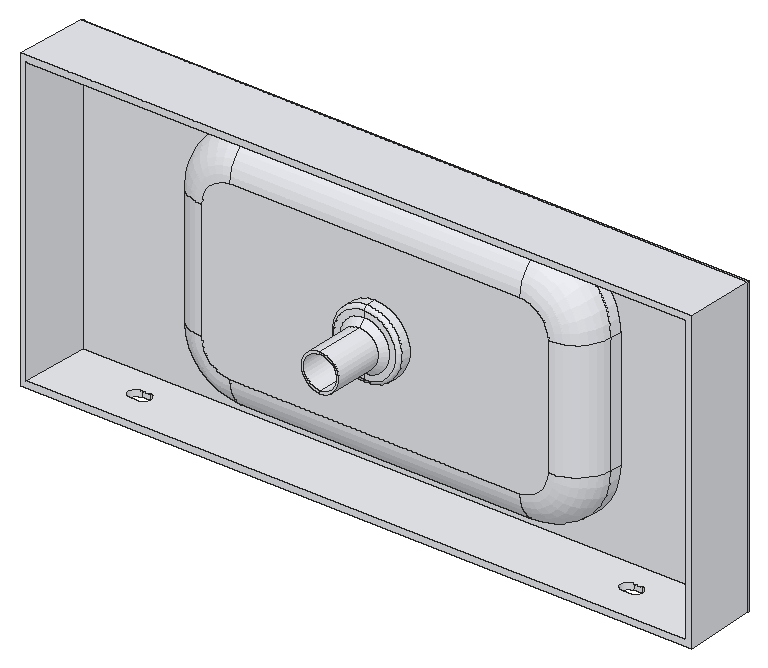
Revit family "Basin-Wall-Caroma Sunstone 900 Twin1", category Plumbing Fixtures, host Face, Revit 2014
Parameters (values of type "Sunstone 900 Twin - 0 Tap Holes")
  Width_ANZRS = 400 mm  # constant formula
  WasteOutlet_ANZRS = 0
  Waste Radius [instance] = 30 mm
  Waste Connection = yes
  Waste = Porcelain-White-Caroma
  WFU = 1
  Vent Connection = no
  URL = "http://www.specify.caroma.com.au"
  Type Comments = "White Only, Overflow not available, Sunstone Solid Surface Basin Pop-up Waste supplied"  # constant formula
  Tap Penetrations = if([3 Tapholes], 0 mm, 100 mm)  # 100 mm
  Spout Penetration = if(or([1 Taphole], [3 Tapholes]), 0 mm, 100 mm)  # 100 mm
  ModifiedIssue_ANZRS = 20150203.01  # constant formula
  Model = if([3 Tapholes], "N/A", if([1 Taphole], "897710", "897700"))  # "897700"
  Material_ANZRS = Porcelain-White-Caroma
  Manufacturer = "GWA Bathrooms & Kitchens"  # constant formula
  Length_ANZRS = 900 mm  # constant formula
  Height_ANZRS = 100 mm  # constant formula
  HW Connection = no
  Description = "Caroma Sunstone 900 Twin Wall Basin"  # constant formula
  Default Elevation = 865 mm
  CreatedBy_ANZRS = "Design Content"  # constant formula
  CreatedByURL_ANZRS = "http://www.designcontent.com.au"
  Capacity_ANZRS = 3.8 L
  CW Connection = no
  Assembly Code = "D2010310"
  3 Tapholes = 1 = 2  # no
  1 Taphole = no
Reference planes
  plane 1 "Center (Elevation)": y = 0
  plane 2 "Back": z = 0
  plane 3 "Center (Left/Right)": x = 0
  plane 4 "Left": x = -450
  plane 5 "Right": x = 450
  plane 6: x = -102.5
  plane 7: x = 102.5
  plane 8 "Top": y = 50
  plane 9 "Bottom": y = -50
  plane 10: z = 48
  plane 11 "Front": z = 400
  plane 12 "Center (Front/Back)": z = 200
  plane 13: y = 40
  plane 14 "3 Taps": y = 140
  plane 15 "1 Tap": y = 140
  plane 16: x = 0
Forms (mm)
  Revolve 1, solid, material "Porcelain-White-Caroma" <- "Material_ANZRS"
    sketch origin (0, 23, 349.207) x (0, 0, 1) y (0, 1, 0)
      loop
        arc (-193.143, -34.834) -> (-193.753, -33.465) -> (-195.142, -32.904) r 2
        line (-195.142, -32.904) -> (-201.957, -32.904) -> (-201.957, -40.904) -> (-195.933, -40.904) -> (-195.499, -53.345)
        arc (-195.499, -53.345) -> (-194.129, -56.612) -> (-190.938, -58.151) r 5
        line (-190.938, -58.151) -> (-182.567, -58.883) -> (-174.207, -67.243) -> (-174.207, -133) -> (-171.207, -133) -> (-171.207, -66.828)
        arc (-171.207, -66.828) -> (-171.36, -66.063) -> (-171.793, -65.414) r 2
        line (-171.793, -65.414) -> (-180.703, -56.505)
        arc (-180.703, -56.505) -> (-181.272, -56.106) -> (-181.943, -55.926) r 2
        line (-181.943, -55.926) -> (-190.676, -55.162)
        arc (-190.676, -55.162) -> (-191.953, -54.547) -> (-192.501, -53.24) r 2
        line (-192.501, -53.24) -> (-193.143, -34.834)
      axis (-149.207, -133) -> (-149.207, -32.904)
    angle from 0 to 360
  Extrusion 2, void
    sketch origin (0, 140, 0) x (-1, 0, 0) y (0, 0, 1)
      loop
        circle (102.5, 48) r 16.956
      loop
        circle (-102.5, 48) r 17
    from 100 to -20
  Extrusion 3, void
    sketch origin (-193, 140, -152) x (-1, 0, 0) y (0, 0, 1)
      loop
        circle (-553, 352) r 17
    from 100 to -20
  Revolve 4, solid, material "Porcelain-White-Caroma" <- "Waste", detail levels fine
    sketch origin (0, 25.5, 349.207) x (0, 0, 1) y (0, 1, 0)
      loop
        arc (-186.859, -35.23) -> (-188.212, -35.848) -> (-188.765, -37.228) r 2
        line (-188.765, -37.228) -> (-188.765, -40.323)
        arc (-188.765, -40.323) -> (-188.18, -41.737) -> (-186.765, -42.323) r 2
        line (-186.765, -42.323) -> (-149.207, -42.323) -> (-149.207, -34.346)
        arc (-149.207, -34.346) -> (-168.038, -34.567) -> (-186.859, -35.23) r 802.28
      axis (-149.207, -42.323) -> (-149.207, -34.346)
    angle from 0 to 360
  Sweep 5, solid, material "Porcelain-White-Caroma" <- "Material_ANZRS"
    path origin (0, 50, 0) x (-1, 0, 0) y (0, 0, 1)
      loop
        line (-450, 0) -> (-450, 400) -> (450, 400) -> (450, 0)
    profile origin (450, 50, 200) x (1, 0, 0) y (0, 1, 0)
      loop
        line (0, -100) -> (-2.972, -1.939)
        arc (-2.972, -1.939) -> (-3.579, -0.565) -> (-4.971, 0) r 2
        line (-4.971, 0) -> (-12.478, 0) -> (-12.478, -8) -> (-10.792, -8) -> (-8.004, -100) -> (0, -100)
  Sweep 6, solid, material "Porcelain-White-Caroma" <- "Material_ANZRS"
    path origin (0, 50, 0) x (-1, 0, 0) y (0, 0, 1)
      loop
        arc (-194.5, 357) -> (-249.301, 334.301) -> (-272, 279.5) r 77.5
        line (-272, 279.5) -> (-272, 120.5)
        arc (-272, 120.5) -> (-249.301, 65.699) -> (-194.5, 43) r 77.5
        line (-194.5, 43) -> (194.5, 43)
        arc (194.5, 43) -> (249.301, 65.699) -> (272, 120.5) r 77.5
        line (272, 120.5) -> (272, 279.5)
        arc (272, 279.5) -> (249.301, 334.301) -> (194.5, 357) r 77.5
        line (194.5, 357) -> (-194.5, 357)
    profile origin (0, 50, 357) x (0, 0, 1) y (0, 1, 0)
      loop
        line (3.074, 28.111) -> (0.283, -22.123)
        arc (0.283, -22.123) -> (-12.167, -48.962) -> (-39.656, -59.904) r 40
        line (-39.656, -59.904) -> (-44.768, -59.904) -> (-44.768, -67.904) -> (-39.656, -67.904)
        arc (-39.656, -67.904) -> (-6.669, -54.774) -> (8.27, -22.567) r 48
        line (8.27, -22.567) -> (9.08, -8) -> (25.851, -8) -> (25.851, 0)
        arc (25.851, 0) -> (18.898, 2.812) -> (15.856, 9.667) r 10
        line (15.856, 9.667) -> (15.243, 28.067)
        arc (15.243, 28.067) -> (14.634, 29.438) -> (13.244, 30) r 2
        line (13.244, 30) -> (5.071, 30)
        arc (5.071, 30) -> (3.696, 29.453) -> (3.074, 28.111) r 2
  Extrusion 7, solid, material "Porcelain-White-Caroma" <- "Material_ANZRS"
    sketch origin (0, 0, 0) x (1, 0, 0) y (0, 1, 0)
      loop
        line (-441.996, -50) -> (441.996, -50) -> (439.208, 42) -> (-439.208, 42) -> (-441.996, -50)
      loop
        arc (325, 10) -> (315, 0) -> (325, -10) r 10
        line (325, -10) -> (335, -10)
        arc (335, -10) -> (345, 0) -> (335, 10) r 10
        line (335, 10) -> (325, 10)
      loop
        line (-325, 10) -> (-335, 10)
        arc (-335, 10) -> (-345, 0) -> (-335, -10) r 10
        line (-335, -10) -> (-325, -10)
        arc (-325, -10) -> (-315, 0) -> (-325, 10) r 10
    from 0 to 8
  Extrusion 8, solid, material "Porcelain-White-Caroma" <- "Material_ANZRS"
    sketch origin (0, 50, 103) x (-1, 0, 0) y (0, 0, 1)
      loop
        circle (0, 97) r 52.749
      loop
        arc (-194.5, 209.232) -> (-217.645, 199.645) -> (-227.232, 176.5) r 32.732
        line (-227.232, 176.5) -> (-227.232, 17.5)
        arc (-227.232, 17.5) -> (-217.645, -5.645) -> (-194.5, -15.232) r 32.732
        line (-194.5, -15.232) -> (194.5, -15.232)
        arc (194.5, -15.232) -> (217.645, -5.645) -> (227.232, 17.5) r 32.732
        line (227.232, 17.5) -> (227.232, 176.5)
        arc (227.232, 176.5) -> (217.645, 199.645) -> (194.5, 209.232) r 32.732
        line (194.5, 209.232) -> (-194.5, 209.232)
    from -67.904 to -59.904
  Extrusion 9, solid, material "Porcelain-White-Caroma" <- "Material_ANZRS"
    sketch origin (0, 50, 0) x (-1, 0, 0) y (0, 0, 1)
      loop
        line (297.851, 120.5) -> (297.851, 279.5)
        arc (297.851, 279.5) -> (267.58, 352.58) -> (194.5, 382.851) r 103.351
        line (194.5, 382.851) -> (-194.5, 382.851)
        arc (-194.5, 382.851) -> (-267.58, 352.58) -> (-297.851, 279.5) r 103.351
        line (-297.851, 279.5) -> (-297.851, 120.5)
        arc (-297.851, 120.5) -> (-267.58, 47.42) -> (-194.5, 17.149) r 103.351
        line (-194.5, 17.149) -> (194.5, 17.149)
        arc (194.5, 17.149) -> (267.58, 47.42) -> (297.851, 120.5) r 103.351
      loop
        line (437.522, 0) -> (437.522, 387.522) -> (-437.522, 387.522) -> (-437.522, 0) -> (437.522, 0)
    from -8 to 0
Cuts and joins
  Extrusion 3 cuts Extrusion 9
  joined: Revolve 1, Sweep 5, Sweep 6, Extrusion 7, Extrusion 8, Extrusion 9
Lines and regions (mm)
  Masking region 1
    outline origin (0, 50, 0) x (-1, 0, 0) y (0, 0, 1)
      loop
        line (-450, 0) -> (450, 0) -> (450, 397)
        arc (450, 397) -> (449.121, 399.121) -> (447, 400) r 3
        line (447, 400) -> (-447, 400)
        arc (-447, 400) -> (-449.121, 399.121) -> (-450, 397) r 3
        line (-450, 397) -> (-450, 0)
  Masking region 2
    outline origin (0, 0, 0) x (1, 0, 0) y (0, 1, 0)
      loop
        line (-25, -50) -> (-25, -80) -> (0, -80) -> (25, -80) -> (25, -50) -> (450, -50) -> (447.058, 48.061)
        arc (447.058, 48.061) -> (446.452, 49.435) -> (445.059, 50) r 2
        line (445.059, 50) -> (297.851, 50)
        arc (297.851, 50) -> (290.898, 52.812) -> (287.856, 59.667) r 10
        line (287.856, 59.667) -> (287.243, 78.067)
        arc (287.243, 78.067) -> (286.634, 79.438) -> (285.244, 80) r 2
        line (285.244, 80) -> (-285.244, 80)
        arc (-285.244, 80) -> (-286.634, 79.438) -> (-287.243, 78.067) r 2
        line (-287.243, 78.067) -> (-287.856, 59.667)
        arc (-287.856, 59.667) -> (-290.898, 52.812) -> (-297.851, 50) r 10
        line (-297.851, 50) -> (-445.059, 50)
        arc (-445.059, 50) -> (-446.452, 49.435) -> (-447.058, 48.061) r 2
        line (-447.058, 48.061) -> (-450, -50) -> (-25, -50)
  Masking region 3
    outline origin (0, 0, 0) x (0, 1, 0) y (0, 0, 1)
      loop
        line (-50, 175) -> (-50, 0) -> (50, 0) -> (50, 17.149)
        arc (50, 17.149) -> (52.812, 24.102) -> (59.667, 27.144) r 10
        line (59.667, 27.144) -> (78.067, 27.757)
        arc (78.067, 27.757) -> (79.438, 28.366) -> (80, 29.756) r 2
        line (80, 29.756) -> (80, 370.244)
        arc (80, 370.244) -> (79.438, 371.634) -> (78.067, 372.243) r 2
        line (78.067, 372.243) -> (59.667, 372.856)
        arc (59.667, 372.856) -> (52.812, 375.898) -> (50, 382.851) r 10
        line (50, 382.851) -> (50, 395.059)
        arc (50, 395.059) -> (49.435, 396.452) -> (48.061, 397.058) r 2
        line (48.061, 397.058) -> (-50, 400) -> (-50, 225) -> (-80, 225) -> (-80, 175) -> (-50, 175)
  symbolic lines, style "Basins/Sinks/Tubs", visible <- "3 Tapholes"
    curve 1: circle (102.5, 0, 48) r 17 normal (0, -1, 0)
    curve 2: circle (360, 0, 200) r 17 normal (0, -1, 0)
    curve 3: circle (-102.5, 0, 48) r 16.956 normal (0, -1, 0)
  symbolic lines, style "Basins/Sinks/Tubs", visible <- "1 Taphole"
    curve 4: circle (360, 0, 200) r 17 normal (0, -1, 0)
  symbolic lines, style "Waste Outlets"
    curve 5: circle (0, 0, 200) r 39.17 normal (0, -1, 0)
    curve 6: circle (0, 0, 200) r 43.197 normal (0, -1, 0)
  symbolic lines, style "Basins/Sinks/Tubs"
    curve 7: line (447, 50, 394) -> (447, 50, 0)
    curve 8: line (-444, 50, 397) -> (444, 50, 397)
    curve 9: line (-447, 50, 0) -> (-447, 50, 394)
    curve 10: arc (-444, 50, 397) -> (-446.121, 50, 396.121) -> (-447, 50, 394) r 3
    curve 11: arc (447, 50, 394) -> (446.121, 50, 396.121) -> (444, 50, 397) r 3
    curve 12: line (-25, -50, 0) -> (25, -50, 0)
    curve 13: line (0, -50, 176.688) -> (0, -50, 83.312)
    curve 14: line (0, -50, 176.688) -> (0, -50, 225)
    curve 15: arc (194.5, 50, 359.732) -> (251.233, 50, 336.233) -> (274.732, 50, 279.5) r 80.232
    curve 16: line (274.732, 50, 279.5) -> (274.732, 50, 120.5)
    curve 17: arc (274.732, 50, 120.5) -> (251.233, 50, 63.767) -> (194.5, 50, 40.268) r 80.232
    curve 18: line (194.5, 50, 40.268) -> (-194.5, 50, 40.268)
    curve 19: arc (-194.5, 50, 40.268) -> (-251.233, 50, 63.767) -> (-274.732, 50, 120.5) r 80.232
    curve 20: line (-274.732, 50, 120.5) -> (-274.732, 50, 279.5)
    curve 21: arc (-274.732, 50, 279.5) -> (-251.233, 50, 336.233) -> (-194.5, 50, 359.732) r 80.232
    curve 22: line (-194.5, 50, 359.732) -> (194.5, 50, 359.732)
    curve 23: line (-194.5, 50, 372.232) -> (194.5, 50, 372.232)
    curve 24: arc (194.5, 50, 372.232) -> (260.072, 50, 345.072) -> (287.232, 50, 279.5) r 92.732
    curve 25: line (287.232, 50, 279.5) -> (287.232, 50, 120.5)
    curve 26: arc (287.232, 50, 120.5) -> (260.072, 50, 54.928) -> (194.5, 50, 27.768) r 92.732
    curve 27: line (194.5, 50, 27.768) -> (-194.5, 50, 27.768)
    curve 28: arc (-194.5, 50, 27.768) -> (-260.072, 50, 54.928) -> (-287.232, 50, 120.5) r 92.732
    curve 29: line (-287.232, 50, 120.5) -> (-287.232, 50, 279.5)
    curve 30: arc (-287.232, 50, 279.5) -> (-260.072, 50, 345.072) -> (-194.5, 50, 372.232) r 92.732
    curve 31: line (264.732, 50, 279.5) -> (264.732, 50, 120.5)
    curve 32: arc (264.732, 50, 120.5) -> (244.162, 50, 70.838) -> (194.5, 50, 50.268) r 70.232
    curve 33: line (194.5, 50, 50.268) -> (-194.5, 50, 50.268)
    curve 34: arc (-194.5, 50, 50.268) -> (-244.162, 50, 70.838) -> (-264.732, 50, 120.5) r 70.232
    curve 35: line (-264.732, 50, 120.5) -> (-264.732, 50, 279.5)
    curve 36: arc (-264.732, 50, 279.5) -> (-244.162, 50, 329.162) -> (-194.5, 50, 349.732) r 70.232
    curve 37: line (-194.5, 50, 349.732) -> (194.5, 50, 349.732)
    curve 38: arc (194.5, 50, 349.732) -> (244.162, 50, 329.162) -> (264.732, 50, 279.5) r 70.232
    curve 39: line (0, 50, 382.851) -> (0, 50, 17.149)
    curve 40: line (-297.851, 50, 0) -> (297.851, 50, 0)
Dimensions and locks
  equal spacing: plane 4 "Left", plane 3 "Center (Left/Right)", plane 5 "Right"
  "Length_ANZRS": plane 4 "Left" to plane 5 "Right"
  plane 6 to plane 3 "Center (Left/Right)" to plane 7 = 102.5 mm locked, 102.5 mm locked
  equal spacing: plane 9 "Bottom", plane 1 "Center (Elevation)", plane 8 "Top"
  "Height_ANZRS": plane 9 "Bottom" to plane 8 "Top"
  "Width_ANZRS": level to plane 11 "Front"
  level to plane 10 = 48 mm
  equal spacing: level, plane 12 "Center (Front/Back)", plane 11 "Front"
  locked: plane 8 "Top" to plane 13 at 10
  "Tap Penetrations": plane 14 "3 Taps" to plane 13
  "Spout Penetration": plane 15 "1 Tap" to plane 13
  aligned and locked: plane 2 "Back" to host face
  aligned and locked: level to host face
  aligned and locked: plane 6 to Extrusion 2 sketch curve
  aligned and locked: plane 7 to Extrusion 2 sketch curve
Automatic sketch dimensions
  host sketch curve to host sketch curve = 2438.4 mm  (x2)
  Extrusion 2 sketch curve to plane 10 = 0 mm  (x2)
  plane 12 "Center (Front/Back)" to Extrusion 3 sketch curve = 0 mm
  Sweep 5 sketch curve to plane 5 "Right" = 0 mm
  plane 4 "Left" to Sweep 5 sketch curve = 0 mm
  Sweep 5 sketch curve to level = 0 mm  (x2)
  Sweep 5 sketch curve to plane 11 "Front" = 0 mm
  Revolve 1 sketch curve to Revolve 1 sketch curve = 0 mm  (x2)
  Revolve 1 sketch curve to Revolve 1 sketch curve = 0.586 mm
  Revolve 1 sketch curve to Revolve 1 sketch curve = 1.414 mm  (x2)
  Revolve 1 sketch curve to Revolve 1 sketch curve = 1 mm
  Revolve 1 sketch curve to plane 9 "Bottom" = 16.495 mm
  Revolve 1 sketch curve to Revolve 1 sketch curve = 6.495 mm
  Revolve 1 sketch curve to plane 9 "Bottom" = 17.074 mm
  Revolve 1 sketch curve to Revolve 1 sketch curve = 1.24 mm
  Revolve 1 sketch curve to Revolve 1 sketch curve = 0.45 mm
  Revolve 1 sketch curve to Revolve 1 sketch curve = 8.559 mm
  Revolve 1 sketch curve to plane 9 "Bottom" = 17.838 mm
  Revolve 1 sketch curve to Revolve 1 sketch curve = 0.174 mm
  Revolve 1 sketch curve to plane 9 "Bottom" = 14.849 mm
  Revolve 1 sketch curve to Revolve 1 sketch curve = 0.261 mm
  Revolve 1 sketch curve to plane 9 "Bottom" = 19.76 mm
  Revolve 1 sketch curve to Revolve 1 sketch curve = 1.999 mm  (x2)
  Revolve 1 sketch curve to plane 9 "Bottom" = 38.166 mm
  Revolve 1 sketch curve to Revolve 1 sketch curve = 0.643 mm
  Revolve 1 sketch curve to plane 9 "Bottom" = 19.655 mm
  Revolve 1 sketch curve to plane 9 "Bottom" = 32.096 mm
  Revolve 1 sketch curve to Revolve 1 sketch curve = 0.791 mm
  Revolve 1 sketch curve to Revolve 1 sketch curve = 0.964 mm
  Revolve 1 sketch curve to Revolve 1 sketch curve = 6.531 mm
  Revolve 1 sketch curve to Revolve 1 sketch curve = 0.414 mm
  Revolve 1 sketch curve to Revolve 1 sketch curve = 65.757 mm
  Revolve 1 sketch curve to Revolve 1 sketch curve = 0.07 mm
  Revolve 1 sketch curve to Revolve 1 sketch curve = 6.814 mm
  plane 10 to Revolve 1 sketch curve = 99.251 mm
  Revolve 1 sketch curve to plane 9 "Bottom" = 33.247 mm
  Revolve 1 sketch curve to plane 1 "Center (Elevation)" = 20 mm
  Revolve 4 sketch curve to plane 9 "Bottom" = 38.272 mm
  Revolve 4 sketch curve to plane 9 "Bottom" = 33.177 mm
  Revolve 4 sketch curve to Revolve 4 sketch curve = 0 mm  (x2)
  Revolve 4 sketch curve to Revolve 4 sketch curve = 2 mm
  plane 9 "Bottom" to Revolve 4 sketch curve = 761.126 mm
  Revolve 4 sketch curve to Revolve 4 sketch curve = 7.977 mm
  Revolve 4 sketch curve to plane 1 "Center (Elevation)" = 20.692 mm
  Revolve 4 sketch curve to plane 1 "Center (Elevation)" = 25.892 mm
  curve 5 to curve 6 = 0 mm  (x2)
  curve 3 to plane 6 = 0 mm
  plane 3 "Center (Left/Right)" to curve 2 = 360 mm
  curve 6 to plane 3 "Center (Left/Right)" = 0 mm
  plane 7 to curve 1 = 0 mm
  plane 10 to curve 2 = 152 mm
  curve 3 to plane 10 = 0 mm
  curve 1 to plane 10 = 0 mm
  Masking region 1 sketch curve to level = 0 mm
  Masking region 1 sketch curve to plane 5 "Right" = 0 mm
  Masking region 1 sketch curve to plane 11 "Front" = 0 mm
  plane 4 "Left" to Masking region 1 sketch curve = 0 mm
  Masking region 1 sketch curve to plane 5 "Right" = 3 mm
  Masking region 1 sketch curve to plane 4 "Left" = 3 mm
  Sweep 5 sketch curve to plane 8 "Top" = 0 mm
  profile plane to Sweep 5 sketch curve = 12.478 mm
  Sweep 5 sketch curve to Sweep 5 sketch curve = 1.686 mm
  profile plane to Sweep 5 sketch curve = 8.004 mm
  Sweep 5 sketch curve to plane 8 "Top" = 2 mm
  profile plane to Sweep 5 sketch curve = 4.971 mm
  Sweep 5 sketch curve to plane 8 "Top" = 1.939 mm
  profile plane to Sweep 5 sketch curve = 0 mm
  Sweep 5 sketch curve to plane 8 "Top" = 8 mm
  Sweep 5 sketch curve to Sweep 5 sketch curve = 92 mm
  Extrusion 7 sketch curve to plane 9 "Bottom" = 0 mm
  Extrusion 7 sketch curve to plane 4 "Left" = 8.004 mm
  plane 13 to Extrusion 7 sketch curve = 2 mm
  Extrusion 7 sketch curve to plane 4 "Left" = 10.792 mm
  plane 1 "Center (Elevation)" to Extrusion 7 sketch curve = 0 mm  (x2)
  Extrusion 7 sketch curve to Extrusion 7 sketch curve = 104.208 mm
  Extrusion 7 sketch curve to Extrusion 7 sketch curve = 10 mm  (x4)
  Extrusion 7 sketch curve to plane 5 "Right" = 10.792 mm
  Extrusion 7 sketch curve to plane 5 "Right" = 8.004 mm
  curve 5 to plane 12 "Center (Front/Back)" = 0 mm
  plane 12 "Center (Front/Back)" to curve 4 = 0 mm
  Revolve 1 sketch curve to Revolve 1 sketch curve = 22.586 mm
  plane 10 to Revolve 4 sketch curve = 112.442 mm
  Revolve 4 sketch curve to Revolve 4 sketch curve = 37.558 mm
  plane 16 to Extrusion 8 sketch curve = 0 mm
  plane 12 "Center (Front/Back)" to Extrusion 8 sketch curve = 52.749 mm
  curve 2 to curve 4 = 0 mm
  Extrusion 3 sketch curve to plane 16 = 360 mm
  Extrusion 7 sketch curve to plane 7 = 222.5 mm
  Extrusion 8 sketch curve to plane 12 "Center (Front/Back)" = 0 mm
  Extrusion 8 sketch curve to plane 7 = 92 mm  (x2)
  Extrusion 8 sketch curve to Extrusion 8 sketch curve = 32.732 mm  (x2)
  Extrusion 8 sketch curve to plane 6 = 92 mm  (x2)
  plane 10 to Extrusion 8 sketch curve = 72.5 mm
  Extrusion 8 sketch curve to plane 12 "Center (Front/Back)" = 79.5 mm
  curve 15 to curve 24 = 0 mm  (x2)
  curve 15 to curve 38 = 0 mm  (x2)
  curve 17 to curve 26 = 0 mm  (x2)
  curve 17 to curve 32 = 0 mm  (x2)
  curve 19 to curve 28 = 0 mm  (x2)
  curve 19 to curve 34 = 0 mm  (x2)
  curve 21 to curve 30 = 0 mm
  curve 21 to curve 36 = 0 mm
  curve 7 to level = 0 mm
  curve 9 to level = 0 mm
  curve 7 to plane 5 "Right" = 3 mm
  plane 11 "Front" to curve 8 = 3 mm
  curve 7 to curve 8 = 3 mm
  curve 25 to plane 7 = 184.732 mm
  curve 26 to curve 16 = 12.5 mm
  curve 17 to plane 7 = 92 mm
  curve 38 to plane 7 = 92 mm
  curve 19 to plane 6 = 92 mm
  curve 23 to plane 6 = 92 mm
  curve 19 to curve 20 = 80.232 mm
  curve 8 to plane 4 "Left" = 6 mm
  curve 10 to curve 9 = 3 mm
  curve 27 to plane 10 = 20.232 mm
  curve 24 to plane 12 "Center (Front/Back)" = 79.5 mm
  curve 15 to curve 38 = 10 mm
  Masking region 3 sketch curve to level = 0 mm
  Masking region 3 sketch curve to plane 9 "Bottom" = 0 mm  (x2)
  plane 11 "Front" to Masking region 3 sketch curve = 0 mm
  Masking region 3 sketch curve to Masking region 3 sketch curve = 30 mm
  Masking region 3 sketch curve to plane 8 "Top" = 2 mm
  Masking region 3 sketch curve to plane 8 "Top" = 1.939 mm
  plane 8 "Top" to Masking region 3 sketch curve = 9.667 mm  (x2)
  Masking region 3 sketch curve to Masking region 3 sketch curve = 0.333 mm  (x2)
  Masking region 3 sketch curve to Masking region 3 sketch curve = 0.067 mm  (x2)
  level to Masking region 3 sketch curve = 17.149 mm
  plane 12 "Center (Front/Back)" to Masking region 3 sketch curve = 25 mm
  Masking region 3 sketch curve to plane 12 "Center (Front/Back)" = 25 mm
  Masking region 3 sketch curve to Masking region 3 sketch curve = 0.613 mm  (x2)
  plane 11 "Front" to Masking region 3 sketch curve = 4.941 mm
  Masking region 3 sketch curve to Masking region 3 sketch curve = 18.333 mm
  Masking region 3 sketch curve to Masking region 3 sketch curve = 2 mm
  Masking region 3 sketch curve to Masking region 3 sketch curve = 1.999 mm
  Masking region 3 sketch curve to plane 8 "Top" = 0 mm  (x2)
  plane 11 "Front" to Masking region 3 sketch curve = 29.756 mm
  curve 13 to plane 9 "Bottom" = 0 mm
  curve 39 to plane 8 "Top" = 0 mm
  plane 12 "Center (Front/Back)" to curve 14 = 23.312 mm
  plane 10 to curve 13 = 35.312 mm
  level to curve 39 = 17.149 mm
  curve 14 to plane 12 "Center (Front/Back)" = 25 mm
  plane 11 "Front" to curve 39 = 17.149 mm
  Masking region 2 sketch curve to plane 4 "Left" = 0 mm
  Masking region 2 sketch curve to plane 8 "Top" = 0 mm  (x2)
  plane 9 "Bottom" to Masking region 2 sketch curve = 0 mm  (x2)
  Masking region 2 sketch curve to plane 3 "Center (Left/Right)" = 0 mm
  Masking region 2 sketch curve to plane 5 "Right" = 0 mm
  Masking region 2 sketch curve to plane 4 "Left" = 2.942 mm
  Masking region 2 sketch curve to Masking region 2 sketch curve = 1.999 mm  (x3)
  Masking region 2 sketch curve to Masking region 2 sketch curve = 147.208 mm
  plane 8 "Top" to Masking region 2 sketch curve = 9.667 mm  (x2)
  Masking region 2 sketch curve to Masking region 2 sketch curve = 9.994 mm  (x2)
  plane 8 "Top" to Masking region 2 sketch curve = 28.067 mm
  Masking region 2 sketch curve to Masking region 2 sketch curve = 0.613 mm  (x2)
  Masking region 2 sketch curve to Masking region 2 sketch curve = 25 mm
  plane 3 "Center (Left/Right)" to Masking region 2 sketch curve = 25 mm
  plane 8 "Top" to Masking region 2 sketch curve = 28 mm
  Masking region 2 sketch curve to plane 7 = 182.744 mm
  Masking region 2 sketch curve to plane 8 "Top" = 2 mm
  Masking region 2 sketch curve to plane 5 "Right" = 4.941 mm
  Masking region 2 sketch curve to plane 8 "Top" = 1.939 mm
  Masking region 2 sketch curve to Masking region 2 sketch curve = 30 mm
  Masking region 2 sketch curve to Masking region 2 sketch curve = 2 mm
  Masking region 2 sketch curve to Masking region 2 sketch curve = 0.067 mm
  Sweep 6 sketch curve to plane 7 = 169.5 mm
  Sweep 6 sketch curve to Sweep 6 sketch curve = 77.5 mm
  Sweep 6 sketch curve to plane 10 = 5 mm
  Sweep 6 sketch curve to plane 7 = 92 mm
  Sweep 6 sketch curve to plane 6 = 92 mm
  plane 10 to Sweep 6 sketch curve = 72.5 mm
  Sweep 6 sketch curve to plane 12 "Center (Front/Back)" = 79.5 mm  (x2)
  Sweep 6 sketch curve to Sweep 6 sketch curve = 0 mm  (x3)
  Sweep 6 sketch curve to plane 8 "Top" = 0 mm
  profile plane to Sweep 6 sketch curve = 44.768 mm
  Sweep 6 sketch curve to Sweep 6 sketch curve = 5.112 mm
  Sweep 6 sketch curve to profile plane = 0.283 mm
  Sweep 6 sketch curve to profile plane = 3.074 mm
  Sweep 6 sketch curve to Sweep 6 sketch curve = 1.997 mm
  Sweep 6 sketch curve to Sweep 6 sketch curve = 7.988 mm
  Sweep 6 sketch curve to profile plane = 9.08 mm
  Sweep 6 sketch curve to Sweep 6 sketch curve = 8.174 mm
  Sweep 6 sketch curve to Sweep 6 sketch curve = 1.999 mm
  plane 8 "Top" to Sweep 6 sketch curve = 9.667 mm
  Sweep 6 sketch curve to profile plane = 15.856 mm
  Sweep 6 sketch curve to Sweep 6 sketch curve = 9.994 mm
  Sweep 6 sketch curve to plane 8 "Top" = 8 mm
  Sweep 6 sketch curve to plane 8 "Top" = 19.904 mm
  Sweep 6 sketch curve to Sweep 6 sketch curve = 14.123 mm
  Sweep 6 sketch curve to Sweep 6 sketch curve = 0.444 mm
  Sweep 6 sketch curve to Sweep 6 sketch curve = 18.333 mm
  Sweep 6 sketch curve to Sweep 6 sketch curve = 0.067 mm
  Extrusion 9 sketch curve to plane 6 = 92 mm  (x2)
  Extrusion 9 sketch curve to Extrusion 9 sketch curve = 103.351 mm
  plane 10 to Extrusion 9 sketch curve = 72.5 mm  (x2)
  Extrusion 9 sketch curve to plane 12 "Center (Front/Back)" = 79.5 mm  (x2)
  Extrusion 9 sketch curve to plane 7 = 92 mm
  Extrusion 9 sketch curve to plane 5 "Right" = 12.478 mm
  plane 11 "Front" to Extrusion 9 sketch curve = 12.478 mm
  Extrusion 9 sketch curve to plane 4 "Left" = 12.478 mm
  Extrusion 9 sketch curve to level = 0 mm
  curve 40 to plane 8 "Top" = 0 mm
  plane 9 "Bottom" to curve 12 = 0 mm
  curve 40 to plane 4 "Left" = 152.149 mm
  curve 12 to plane 3 "Center (Left/Right)" = 25 mm
  plane 3 "Center (Left/Right)" to curve 12 = 25 mm
  curve 40 to plane 5 "Right" = 152.149 mm
  radius of Extrusion 2 sketch curve = 16.956 mm
  radius of Extrusion 2 sketch curve = 17 mm
  radius of Extrusion 3 sketch curve = 17 mm
  radius of curve 1 = 17 mm
  radius of curve 2 = 17 mm
  radius of curve 3 = 16.956 mm
  radius of curve 4 = 17 mm
  radius of curve 5 = 39.17 mm
  radius of curve 6 = 43.197 mm
Connectors
  piping at (0, -110, 200), diameter 60, driven by "Waste Radius", driven by "WasteOutlet_ANZRS", driven by "WFU"
    settings: on Revolve 1, index 1, connector inside diameter 24", connector length 0 mm, flow factor 0, pipe flow 0 GPM, pressure drop 0.00 psi, fitting loss kfactor 0, connector angle 0.00°, fixture units 1, engagement length 0 mm, angle of deflection 0.00°, flow configuration 3, flow direction 2, fitting loss method 2, system type 16, joint type 0, gender type 0, connector reference index -1, connector utility 0, adjustable connector no, is connector primary yes, connector description "Outlet"
